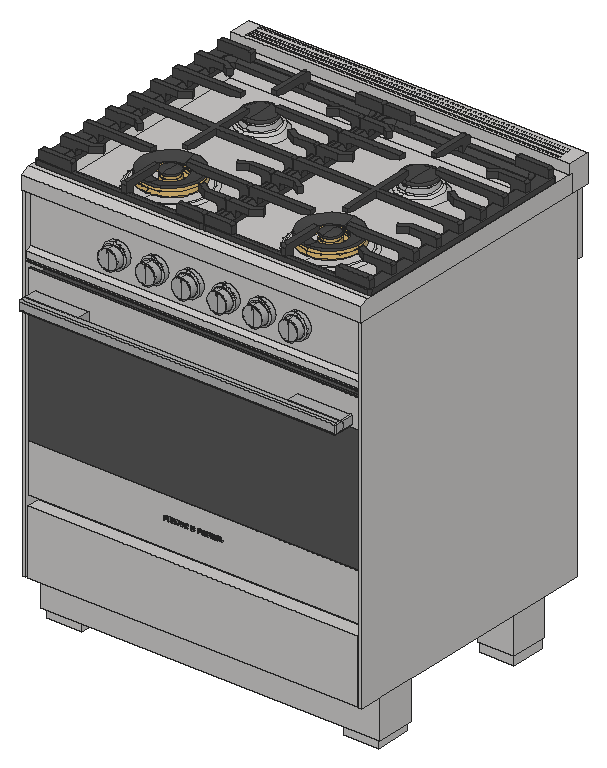
Revit family "FP_Revit_18_OR30SDG4X1_Range_90001006A", category Specialty Equipment, Revit 2018
Family settings
  Round Connector Dimension = Use Diameter
  Part Type = Normal
  OmniClass Number = 23.40.40.14.17.17
  OmniClass Title = Ranges
  Work Plane-Based = No
  Always vertical = Yes
  Cut with Voids When Loaded = Yes
  Shared = No
  Room Calculation Point = No
Parameters
  Visibility - Toe Kick Panel (Optional) = yes
  Visibility - Rear Trim 3"/76mm (Optional) = no
  Visibility - Rear Trim (Supplied) = yes
  Visibility - Clearance Required = yes
  Visibility - Adjustable Feet Covers = yes
  URL = "www.fisherpaykel.com"
  Product - Width = 759 mm  # constant formula
  Product - Height = 945 mm  # constant formula
  Product - Depth = 679.1 mm  # constant formula
  Optional - Toe Kick Panel = "KICKOR30X1"
  Optional - Rear Trim = "TKOR304X1"
  Model = "OR30SDG4X1"
  Material - Trim = Fisher & Paykel - Steel, Chrome Plated
  Material - Handle = Fisher & Paykel - Aluminium
  Material - Glass = Fisher & Paykel - Glass, Black
  Material - Door Front = Fisher & Paykel - Glass, Black
  Material - Buttons and Dials = Fisher & Paykel - Aluminium
  Material - Burners & Trivets = Fisher & Paykel - Black, Matte
  Material - Body = Fisher & Paykel - Stainless Steel
  Manufacturer = "Fisher & Paykel Appliances"
  Keynote = ""
  Description = "30\" Contemporary Freestanding Gas Range (Stainless)"
  Countertop Height (min 908mm - max 933mm) = 915 mm
  Connector Description - Gas = "NG 1kPa (4\" WC), LPG 2.75 kPa (11\" WC), 1/2” NPT Minimum 5/8” dia. flex line"
  Connector Description - Electrical = "120 V, 60Hz, 15 A, Fused electrical supply"
  Clearance - Side Non-Combustible = 0 mm  # constant formula
  Clearance - Side Combustible = 330 mm  # constant formula
  Clearance - Rear Non-Combustible = 0 mm  # constant formula
  Clearance - Rear Combustible = 305 mm  # constant formula
  Clearance - Overhead Rangehood = 762 mm  # constant formula
  Clearance - Overhead Non-Combustible = 762 mm  # constant formula
  Clearance - Overhead Combustible = 914 mm  # constant formula
  Chassis - Width = 759 mm  # constant formula
  Chassis - Height = 816 mm  # constant formula
  Chassis - Depth = 638 mm  # constant formula
  Cavity - Width = 762 mm  # constant formula
  Cavity - Height = 0 mm  # constant formula
  Cavity - Depth = 641 mm  # constant formula
Reference planes
  plane 1 "Datum": y = 0
  plane 2: z = 0
  plane 3 "Center (Left/Right)": x = 0
  plane 4 "Product Height": z = 923
  plane 5 "Product LHS": x = -379.5
  plane 6 "Product RHS": x = 379.5
  plane 7 "Cavity LHS": x = -381
  plane 8 "Cavity RHS": x = 381
  plane 9 "Product Depth": y = 638
  plane 10 "Cavity Depth": y = 641
  plane 11 "Dials": z = 820.4
  plane 12 "Countertop Height": z = 915
Forms (mm)
  Extrusion 1, solid, material "Fisher & Paykel - Stainless Steel" <- "Material - Body"
    sketch origin (0, 0, 0) x (0, 1, 0) y (0, 0, 1)
      loop
        line (50.7, 883) -> (50.7, 107) -> (603, 107) -> (603, 883) -> (50.7, 883)
    from -374 to 374
  Extrusion 2, solid, material "Fisher & Paykel - Stainless Steel" <- "Material - Body"
    sketch origin (0, 0, 0) x (0, 1, 0) y (0, 0, 1)
      loop
        line (12.5, 883) -> (12.5, 768) -> (50.7, 768) -> (50.7, 883) -> (12.5, 883)
    from -374 to 374
  Extrusion 3, solid, material "Fisher & Paykel - Stainless Steel" <- "Material - Body"
    sketch origin (0, 0, 0) x (0, 1, 0) y (0, 0, 1)
      loop
        line (32, 250.4) -> (2, 250.4) -> (2, 107) -> (32, 107) -> (32, 250.4)
    from -370 to 370
  Extrusion 4, solid, material "Fisher & Paykel - Clearance Required", visible <- "Visibility - Clearance Required", detail levels coarse
    sketch origin (0, 0, 0) x (0, 1, 0) y (0, 0, 1)
      loop
        line (0, 273.2) -> (0, 727.091)
        arc (0, 727.091) -> (-320.949, 594.149) -> (-453.891, 273.2) r 453.891
        line (-453.891, 273.2) -> (0, 273.2)
    from -381 to 381
  Extrusion 5, solid, material "Fisher & Paykel - Clearance Required", visible <- "Visibility - Clearance Required", detail levels coarse
    sketch origin (0, 0, 0) x (0, 1, 0) y (0, 0, 1)
      loop
        line (641, 0) -> (641, 923) -> (0, 923) -> (0, 0) -> (641, 0)
    from -381 to 381
  Extrusion 6, solid, material "Fisher & Paykel - Clearance Required (Combustible)", visible <- "Visibility - Clearance Required", detail levels coarse
    sketch origin (0, 0, 0) x (1, 0, 0) y (0, 1, 0)
      loop
        line (-381, 0) -> (-381, 641) -> (381, 641) -> (381, 0) -> (711, 0) -> (711, 946) -> (-711, 946) -> (-711, 0) -> (-381, 0)
    from 923 to 1380
  Extrusion 7, solid, material "Fisher & Paykel - Clearance Required (Non-Combustible)", visible <- "Visibility - Clearance Required", detail levels coarse
    sketch origin (0, 0, 0) x (1, 0, 0) y (0, 1, 0)
      loop
        line (-381, 0) -> (381, 0) -> (381, 641) -> (-381, 641) -> (-381, 0)
    from 923 to 1685
  Extrusion 8, solid, material "Fisher & Paykel - Clearance Required (Combustible)", visible <- "Visibility - Clearance Required", detail levels coarse
    sketch origin (0, 0, 0) x (1, 0, 0) y (0, 1, 0)
      loop
        line (381, 641) -> (-381, 641) -> (-381, 0) -> (381, 0) -> (381, 641)
    from 1685 to 1837
  Extrusion 9, solid, material "Fisher & Paykel - Clearance Required (Combustible)", visible <- "Visibility - Clearance Required", detail levels coarse
    sketch origin (0, 0, 0) x (1, 0, 0) y (0, 1, 0)
      loop
        line (-711, 0) -> (-381, 0) -> (-381, 311) -> (-711, 311) -> (-711, 0)
      loop
        line (711, 0) -> (711, 311) -> (381, 311) -> (381, 0) -> (711, 0)
    from 1837 to 1380
  Extrusion 10, solid, material "Fisher & Paykel - Stainless Steel" <- "Material - Body"
    sketch origin (0, 0, 0) x (0, 1, 0) y (0, 0, 1)
      loop
        line (0, 883) -> (0, 107) -> (603, 107) -> (603, 883) -> (0, 883)
    from 374 to 379.5
  Extrusion 11, solid, material "Fisher & Paykel - Stainless Steel" <- "Material - Body"
    sketch origin (0, 0, 0) x (0, 1, 0) y (0, 0, 1)
      loop
        line (0, 883) -> (0, 107) -> (603, 107) -> (603, 883) -> (0, 883)
    from -379.5 to -374
  Extrusion 12, solid, material "Fisher & Paykel - Stainless Steel" <- "Material - Body"
    sketch origin (0, 0, 0) x (0, 1, 0) y (0, 0, 1)
      loop
        line (1.349, 748) -> (50.7, 748) -> (50.7, 768) -> (12.5, 768) -> (1.349, 761.562) -> (1.349, 748)
    from -374 to 374
  Extrusion 13, solid, material "Fisher & Paykel - Steel, Chrome Plated" <- "Material - Trim", detail levels fine
    sketch origin (0, 0, 0) x (0, 1, 0) y (0, 0, 1)
      loop
        line (1.349, 743.1) -> (1.349, 741.5) -> (50.7, 741.5) -> (50.7, 743.1) -> (1.349, 743.1)
    from -374 to 374
  Extrusion 14, solid, material "Fisher & Paykel - Stainless Steel" <- "Material - Body"
    sketch origin (0, 0, 0) x (0, 1, 0) y (0, 0, 1)
      loop
        line (-3, 914.9) -> (-3, 883) -> (592, 883) -> (592, 923) -> (17.048, 923) -> (-3, 914.9)
    from -379.5 to 379.5
  Extrusion 15, solid, material "Fisher & Paykel - Stainless Steel" <- "Material - Body", visible <- "Visibility - Adjustable Feet Covers"
    sketch origin (0, 0, 0) x (1, 0, 0) y (0, 1, 0)
      loop
        line (-292.2, 137.7) -> (-374, 137.7) -> (-374, 55.7) -> (-292.2, 55.7) -> (-292.2, 137.7)
      loop
        line (-292.2, 516) -> (-374, 516) -> (-374, 434.3) -> (-292.2, 434.3) -> (-292.2, 516)
      loop
        line (292.2, 137.7) -> (292.2, 55.7) -> (374, 55.7) -> (374, 137.7) -> (292.2, 137.7)
      loop
        line (292.2, 516) -> (292.2, 434.3) -> (374, 434.3) -> (374, 516) -> (292.2, 516)
    from 21.3 to 107
  Extrusion 16, solid, material "Fisher & Paykel - Stainless Steel" <- "Material - Body", visible <- "Visibility - Adjustable Feet Covers"
    sketch origin (0, 0, 0) x (1, 0, 0) y (0, 1, 0)
      loop
        line (-294.2, 514.3) -> (-372.3, 514.3) -> (-372.3, 436.2) -> (-294.2, 436.2) -> (-294.2, 514.3)
      loop
        line (-294.2, 135.8) -> (-372.3, 135.8) -> (-372.3, 57.7) -> (-294.2, 57.7) -> (-294.2, 135.8)
      loop
        line (294.2, 514.3) -> (294.2, 436.2) -> (372.3, 436.2) -> (372.3, 514.3) -> (294.2, 514.3)
      loop
        line (294.2, 135.8) -> (294.2, 57.7) -> (372.3, 57.7) -> (372.3, 135.8) -> (294.2, 135.8)
    from 0 to 21.3
  Extrusion 17, solid, material "Fisher & Paykel - Stainless Steel" <- "Material - Body", visible <- "Visibility - Toe Kick Panel (Optional)"
    sketch origin (0, 0, 0) x (1, 0, 0) y (0, 1, 0)
      loop
        line (-374, 137.7) -> (-379.5, 137.7) -> (-379.5, 50.7) -> (379.5, 50.7) -> (379.5, 137.7) -> (374, 137.7) -> (374, 55.7) -> (-374, 55.7) -> (-374, 137.7)
    from 21.3 to 107
  Extrusion 18, solid, material "Fisher & Paykel - Glass, Black" <- "Material - Glass"
    sketch origin (0, 0, 0) x (1, 0, 0) y (0, 0, 1)
      loop
        line (-370, 272.4) -> (370, 272.4) -> (370, 727.6) -> (-370, 727.6) -> (-370, 272.4)
    from -8.9 to -4.9
  Extrusion 19, solid, material "Fisher & Paykel - Glass, Black" <- "Material - Door Front"
    sketch origin (0, 0, 0) x (0, 1, 0) y (0, 0, 1)
      loop
        line (8.9, 725.037) -> (8.9, 272.4) -> (50.7, 272.4) -> (50.7, 720.644) -> (8.9, 725.037)
    from -350 to 350
  Extrusion 20, void
    sketch origin (0, 0, 0) x (1, 0, 0) y (0, 1, 0)
      loop
        arc (-333.8, 543) -> (-347.942, 537.142) -> (-353.8, 523) r 20
        line (-353.8, 523) -> (-353.8, 58.351)
        arc (-353.8, 58.351) -> (-347.942, 44.209) -> (-333.8, 38.351) r 20
        line (-333.8, 38.351) -> (333.8, 38.351)
        arc (333.8, 38.351) -> (347.942, 44.209) -> (353.8, 58.351) r 20
        line (353.8, 58.351) -> (353.8, 516.8)
        arc (353.8, 516.8) -> (346.126, 535.326) -> (327.6, 543) r 26.2
        line (327.6, 543) -> (-333.8, 543)
    from 893 to 923
  Extrusion 21, solid, material "Fisher & Paykel - Stainless Steel" <- "Material - Body", visible <- "Visibility - Rear Trim (Supplied)"
    sketch origin (0, 0, 0) x (0, 1, 0) y (0, 0, 1)
      loop
        line (592, 883) -> (633, 883) -> (633, 923) -> (633, 945) -> (581.8, 945) -> (581.8, 923) -> (592, 923) -> (592, 883)
    from -379.5 to 379.5
  Sweep 22, solid, material "Fisher & Paykel - Stainless Steel" <- "Material - Body", detail levels fine
    path in 3D
      loop
        arc (-353.8, 523, 923) -> (-347.942, 537.142, 923) -> (-333.8, 543, 923) r 20
        line (-333.8, 543, 923) -> (327.6, 543, 923)
        arc (327.6, 543, 923) -> (346.126, 535.326, 923) -> (353.8, 516.8, 923) r 26.2
        line (353.8, 516.8, 923) -> (353.8, 58.351, 923)
        arc (353.8, 58.351, 923) -> (347.942, 44.209, 923) -> (333.8, 38.351, 923) r 20
        line (333.8, 38.351, 923) -> (-333.8, 38.351, 923)
        arc (-333.8, 38.351, 923) -> (-347.942, 44.209, 923) -> (-353.8, 58.351, 923) r 20
        line (-353.8, 58.351, 923) -> (-353.8, 523, 923)
    profile origin (-353.8, 290.675, 923) x (-1, 0, 0) y (0, 0, 1)
      loop
        line (0, 0) -> (-18.746, -30) -> (0, -30) -> (0, 0)
  Revolve 23, solid, material "Fisher & Paykel - Stainless Steel" <- "Material - Body"
    sketch origin (-179, 0, 0) x (0, 1, 0) y (0, 0, 1)
      loop
        line (163, 893) -> (163, 897) -> (84.905, 897)
        arc (84.905, 897) -> (83.174, 896.81) -> (81.524, 896.25) r 8
        line (81.524, 896.25) -> (74.554, 893) -> (163, 893)
      axis (163, 893) -> (163, 897)
    angle from 0 to 360
  Revolve 24, solid, material "Fisher & Paykel - Stainless Steel" <- "Material - Body"
    sketch origin (-179, 0, 0) x (0, 1, 0) y (0, 0, 1)
      loop
        line (413.1, 907.049) -> (371.389, 907.049)
        arc (371.389, 907.049) -> (367.674, 906.135) -> (364.808, 903.599) r 8
        line (364.808, 903.599) -> (357.481, 893) -> (413.1, 893) -> (413.1, 907.049)
      axis (413.1, 893) -> (413.1, 907.049)
    angle from 0 to 360
  Revolve 25, solid, material "Fisher & Paykel - Stainless Steel" <- "Material - Body"
    sketch origin (179, 0, 0) x (0, 1, 0) y (0, 0, 1)
      loop
        line (163, 893) -> (163, 897) -> (84.905, 897)
        arc (84.905, 897) -> (83.174, 896.81) -> (81.524, 896.25) r 8
        line (81.524, 896.25) -> (74.554, 893) -> (163, 893)
      axis (163, 893) -> (163, 897)
    angle from 0 to 360
  Revolve 26, solid, material "Fisher & Paykel - Stainless Steel" <- "Material - Body"
    sketch origin (179, 0, 0) x (0, 1, 0) y (0, 0, 1)
      loop
        line (413.1, 907.049) -> (371.389, 907.049)
        arc (371.389, 907.049) -> (367.674, 906.135) -> (364.808, 903.599) r 8
        line (364.808, 903.599) -> (357.481, 893) -> (413.1, 893) -> (413.1, 907.049)
      axis (413.1, 893) -> (413.1, 907.049)
    angle from 0 to 360
  Extrusion 27, void
    sketch origin (0, 0, 0) x (1, 0, 0) y (0, 0, 1)
      loop
        line (293.3, 307) -> (293.3, 155.9) -> (-366.5, 155.9) -> (-366.5, 99) -> (366.5, 99) -> (366.5, 307) -> (293.3, 307)
    from -603 to -528
  Extrusion 28, solid, material "Fisher & Paykel - Black", detail levels fine
    sketch origin (0, 0, 0) x (1, 0, 0) y (0, 1, 0)
      loop
        line (-205.048, 573.322) -> (-205.048, 537.488) -> (-155.824, 537.488) -> (-155.824, 573.322) -> (-205.048, 573.322)
    from 143.4 to 155.9
  Extrusion 29, solid, material "Fisher & Paykel - Black", detail levels medium+fine
    sketch origin (0, 0, 0) x (1, 0, 0) y (0, 1, 0)
      loop
        circle (-149.108, 543.3) r 6
    from 113 to 155.9
  Extrusion 30, solid, material "Fisher & Paykel - Stainless Steel" <- "Material - Body"
    sketch origin (0, 0, 0) x (1, 0, 0) y (0, 0, 1)
      loop
        circle (-358, 897) r 4.009
      loop
        circle (-358, 897) r 7.491
      loop
        circle (358, 897) r 4.009
      loop
        circle (358, 897) r 7.491
    from -638 to -633
  Extrusion 31, solid, material "Fisher & Paykel - Stainless Steel" <- "Material - Body"
    sketch origin (0, 0, 0) x (1, 0, 0) y (0, 0, 1)
      loop
        line (365.45, 732) -> (365.45, 883) -> (-365.45, 883) -> (-365.45, 732) -> (365.45, 732)
    from -633 to -603
  Extrusion 32, solid, material "Fisher & Paykel - Stainless Steel" <- "Material - Body"
    sketch origin (0, 0, 0) x (0, 1, 0) y (0, 0, 1)
      loop
        line (641, 159) -> (634.5, 159) -> (603.768, 13.3) -> (486.3, 13.3) -> (486.3, 0) -> (641, 0) -> (641, 159)
    from -27 to 27
  Extrusion 33, solid, material "Fisher & Paykel - Stainless Steel" <- "Material - Body"
    sketch origin (0, 0, 0) x (1, 0, 0) y (0, 1, 0)
      loop
        circle (0, 514.362) r 4.977
    from 13.3 to 50.9
  Extrusion 34, solid, material "Fisher & Paykel - Stainless Steel" <- "Material - Body", visible <- "Visibility - Rear Trim 3"/76mm (Optional)"
    sketch origin (0, 0, 0) x (0, 1, 0) y (0, 0, 1)
      loop
        line (633, 883) -> (633, 999) -> (581.8, 999) -> (581.8, 923) -> (592, 923) -> (592, 883) -> (633, 883)
    from -379.5 to 379.5
  Extrusion 35, solid, material "Fisher & Paykel - Stainless Steel" <- "Material - Body"
    sketch origin (0, 0, 0) x (1, 0, 0) y (0, 1, 0)
      loop
        circle (-333.1, 96.6) r 25
      loop
        circle (-333.15, 475.15) r 25
      loop
        circle (333.1, 96.6) r 25
      loop
        circle (333.15, 475.15) r 25
    from 0 to 107
  Extrusion 36, solid, material "Fisher & Paykel - Stainless Steel" <- "Material - Body"
    sketch origin (0, 0, 0) x (0, 1, 0) y (0, 0, 1)
      loop
        line (528, 107) -> (509.5, 107) -> (509.5, 50.9) -> (528, 50.9) -> (528, 107)
    from -27 to 27
  Extrusion 37, solid, material "Fisher & Paykel - Stainless Steel" <- "Material - Body"
    sketch origin (0, 0, 0) x (0, 1, 0) y (0, 0, 1)
      loop
        line (3, 727.6) -> (3, 661.7) -> (4.9, 661.7) -> (4.9, 727.6) -> (3, 727.6)
      loop
        line (3, 380.5) -> (3, 272.4) -> (4.9, 272.4) -> (4.9, 380.5) -> (3, 380.5)
    from -370 to 370
  Extrusion 38, void
    sketch origin (0, 0, 0) x (0, 1, 0) y (0, 0, 1)
      loop
        line (641, 0) -> (641, 923) -> (-40, 923) -> (-40, 0) -> (641, 0)
    from -381 to 381
  Extrusion 39, void
    sketch origin (0, 0, 0) x (0, 1, 0) y (0, 0, 1)
      loop
        line (588.4, 999) -> (588.4, 923) -> (593.4, 923) -> (593.4, 999) -> (588.4, 999)
      loop
        line (599.4, 999) -> (599.4, 923) -> (604.4, 923) -> (604.4, 999) -> (599.4, 999)
      loop
        line (621.4, 999) -> (621.4, 923) -> (626.4, 923) -> (626.4, 999) -> (621.4, 999)
      loop
        line (610.4, 999) -> (610.4, 923) -> (615.4, 923) -> (615.4, 999) -> (610.4, 999)
    from -350 to 350
Cuts and joins
  Extrusion 20, Extrusion 27 cuts Extrusion 1
  Extrusion 20, Extrusion 39 cuts Extrusion 5
  Extrusion 20 cuts Extrusion 15
  Extrusion 20 cuts Extrusion 16
  Extrusion 20 cuts Extrusion 17
  Extrusion 20, Extrusion 39 cuts Extrusion 14
  Extrusion 39 cuts Extrusion 34
  Extrusion 39 cuts Extrusion 21
Lines and regions (mm)
  sketch lines
    curve 1: line (-353.8, 58.351, 923) -> (-353.8, 523, 923)
    curve 2: arc (-353.8, 58.351, 923) -> (-347.942, 44.209, 923) -> (-333.8, 38.351, 923) r 20
    curve 3: line (333.8, 38.351, 923) -> (-333.8, 38.351, 923)
    curve 4: arc (333.8, 38.351, 923) -> (347.942, 44.209, 923) -> (353.8, 58.351, 923) r 20
    curve 5: line (353.8, 516.8, 923) -> (353.8, 58.351, 923)
    curve 6: arc (353.8, 516.8, 923) -> (346.126, 535.326, 923) -> (327.6, 543, 923) r 26.2
    curve 7: line (-333.8, 543, 923) -> (327.6, 543, 923)
    curve 8: arc (-333.8, 543, 923) -> (-347.942, 537.142, 923) -> (-353.8, 523, 923) r 20
  model lines
    curve 9: line (0, -18.2, 820.4) -> (0, 96.8, 820.4)
Text (mm)
  text "Due to ongoing product development, product details are subject to change without notice. \nPlease always refer to www.fisherpaykel.com for the most current product information. \n© Fisher & Paykel 2020" at (41.04, -502.455, 0), in view "Ref. Level (Plan)"
Dimensions and locks
  equal spacing: plane 5 "Product LHS", plane 3 "Center (Left/Right)", plane 6 "Product RHS"
  "Product - Width": plane 5 "Product LHS" to plane 6 "Product RHS"
  equal spacing: plane 7 "Cavity LHS", plane 3 "Center (Left/Right)", plane 8 "Cavity RHS"
  "Cavity - Width": plane 7 "Cavity LHS" to plane 8 "Cavity RHS"
  locked: plane 4 "Product Height" to nested 1 at 592.497
  "Chassis - Depth": plane 1 "Datum" to plane 9 "Product Depth"
  "Cavity - Depth": plane 1 "Datum" to plane 10 "Cavity Depth"
  "Clearance - Side Combustible": Extrusion 6 sketch curve to Extrusion 5
  "Clearance - Side Combustible": Extrusion 5 to Extrusion 6 sketch curve
  "Clearance - Rear Combustible": plane 10 "Cavity Depth" to Extrusion 6 sketch curve
  Extrusion 6 to plane 4 "Product Height" = 457 mm
  locked: Extrusion 7 to plane 4 "Product Height" at 762
  Extrusion 8 to plane 4 "Product Height" = 914 mm
  Extrusion 9 sketch curve to plane 10 "Cavity Depth" = 330 mm
  "Clearance - Side Combustible": Extrusion 8 to Extrusion 6
  "Clearance - Side Combustible": Extrusion 6 to Extrusion 8
  "Clearance - Rear Combustible": Extrusion 6 to Extrusion 8
  locked: Extrusion 6 to plane 4 "Product Height" at 457
  "Clearance - Overhead Combustible": Extrusion 8 to plane 4 "Product Height"
  Extrusion 9 to Extrusion 8 = 330 mm
  locked: plane 4 "Product Height" to Extrusion 10 at 40
  Extrusion 15 sketch curve to plane 6 "Product RHS" = 87.3 mm
  plane 5 "Product LHS" to Extrusion 15 sketch curve = 87.3 mm
  locked: plane 5 "Product LHS" to Extrusion 11 at 5.5
  locked: Extrusion 10 to plane 6 "Product RHS" at 5.5
  locked: plane 4 "Product Height" to Extrusion 10 at 816
  locked: plane 4 "Product Height" to Extrusion 3 at 672.6  (x2)
  locked: plane 4 "Product Height" to Extrusion 12 at 175
  locked: plane 4 "Product Height" to Extrusion 12 at 155
  equal spacing: cut or joined group of Extrusion 14, Extrusion 20, Extrusion 39, plane 3 "Center (Left/Right)", cut or joined group of Extrusion 14, Extrusion 20, Extrusion 39
  plane 4 "Product Height" to Extrusion 31 = 191 mm
  locked: Extrusion 6 to plane 11 "Dials" at 102.6
  locked: Extrusion 6 to Sweep 22 at 30
  Extrusion 6 to nested 2 = 18.8 mm
  Extrusion 6 to nested 3 = 18.8 mm
  nested 5 to Extrusion 6 = 31.5 mm
  nested 6 to Extrusion 6 = 31.5 mm
  locked: plane 4 "Product Height" to Extrusion 13 at 179.9
  locked: Extrusion 12 to plane 4 "Product Height" at 175
  locked: Extrusion 31 to plane 4 "Product Height" at 191
  locked: plane 4 "Product Height" to cut or joined group of Extrusion 1, Extrusion 20, Extrusion 27 at 616
  locked: plane 4 "Product Height" to plane 11 "Dials" at 102.6
  plane 4 "Product Height" to Extrusion 10 = 816 mm
  locked: nested 14 to cut or joined group of Extrusion 1, Extrusion 20, Extrusion 27 at 35.904
  locked: Extrusion 19 to plane 4 "Product Height" at 650.6
  locked: cut or joined group of Extrusion 1, Extrusion 20, Extrusion 27 to plane 11 "Dials" at 713.4
  locked: cut or joined group of Extrusion 1, Extrusion 20, Extrusion 27 to cut or joined group of Extrusion 1, Extrusion 20, Extrusion 27 at 48.9
  locked: Sweep 22 to plane 4 "Product Height" at 30
  locked: plane 4 "Product Height" to nested 3 at 18.8
  locked: nested 7 to plane 4 "Product Height" at 13
  locked: nested 5 to plane 4 "Product Height" at 31.5
  locked: nested 6 to plane 4 "Product Height" at 31.5
  locked: plane 4 "Product Height" to nested 2 at 22.879
  locked: plane 4 "Product Height" to nested 3 at 22.879
  locked: plane 4 "Product Height" to nested 4 at 13
  locked: cut or joined group of Extrusion 1, Extrusion 20, Extrusion 27 to Extrusion 28 at 163.6
  locked: cut or joined group of Extrusion 1, Extrusion 20, Extrusion 27 to Extrusion 29 at 194
  Extrusion 8 to Extrusion 9 = 311 mm
  locked: plane 5 "Product LHS" to Sweep 22 at 25.7
  locked: Sweep 22 to plane 6 "Product RHS" at 25.7
  locked: cut or joined group of Extrusion 17, Extrusion 20 to Extrusion 10 at 85.7
  cut or joined group of Extrusion 15, Extrusion 20 to Extrusion 10 = 85.7 mm
  locked: Extrusion 6 to Extrusion 8 at 762
  Extrusion 10 to Extrusion 4 = 166.2 mm
  locked: Extrusion 10 to Extrusion 4 at 166.2
  locked: plane 4 "Product Height" to plane 12 "Countertop Height" at 8
  "Countertop Height (min 908mm - max 933mm)": level to plane 12 "Countertop Height"
  locked: Extrusion 32 to level at 159
  locked: Extrusion 36 to Extrusion 10 at 56.1
  locked: plane 4 "Product Height" to nested 15 at 234.693
  locked: nested 13 to plane 11 "Dials" at 27.732
  locked: nested 12 to plane 11 "Dials" at 27.732
  locked: nested 11 to plane 11 "Dials" at 27.732
  locked: nested 10 to plane 11 "Dials" at 27.732
  locked: nested 9 to plane 11 "Dials" at 27.732
  locked: nested 8 to plane 11 "Dials" at 27.732
  locked: plane 4 "Product Height" to Extrusion 37 at 542.5
  locked: Extrusion 37 to plane 4 "Product Height" at 261.3
  locked: Extrusion 18 to plane 4 "Product Height" at 650.6
  locked: Extrusion 6 to Extrusion 21 sketch curve at 22
  "Product - Depth": nested 15 to plane 9 "Product Depth"
  aligned and locked: level to plane 2
  aligned and locked: Extrusion 5 sketch curve to plane 4 "Product Height"
  aligned and locked: Extrusion 5 to plane 8 "Cavity RHS"
  aligned and locked: Extrusion 5 to plane 7 "Cavity LHS"
  aligned and locked: Extrusion 6 sketch curve to plane 8 "Cavity RHS"
  aligned and locked: Extrusion 6 sketch curve to plane 7 "Cavity LHS"
  aligned and locked: Extrusion 5 to Extrusion 7 sketch curve
  aligned and locked: Extrusion 8 sketch curve to Extrusion 5
  aligned and locked: Extrusion 5 to Extrusion 8 sketch curve
  aligned and locked: Extrusion 9 sketch curve to Extrusion 9 sketch curve
  aligned and locked: Extrusion 5 to Extrusion 9 sketch curve
  aligned and locked: Extrusion 2 to cut or joined group of Extrusion 1, Extrusion 20, Extrusion 27
  aligned and locked: cut or joined group of Extrusion 1, Extrusion 20, Extrusion 27 to Extrusion 2
  aligned and locked: Extrusion 10 sketch curve to plane 1 "Datum"
  aligned and locked: Extrusion 10 to plane 6 "Product RHS"
  aligned and locked: plane 5 "Product LHS" to Extrusion 11
  aligned and locked: cut or joined group of Extrusion 1, Extrusion 20, Extrusion 27 to Extrusion 15 sketch curve  (x2)
  aligned and locked: Extrusion 15 sketch curve to cut or joined group of Extrusion 1, Extrusion 20, Extrusion 27
  aligned and locked: Extrusion 15 sketch curve to Extrusion 15 sketch curve
  aligned and locked: Extrusion 2 to Extrusion 11
  aligned and locked: Extrusion 2 to Extrusion 12
  aligned and locked: Extrusion 2 to Extrusion 13
  aligned and locked: Extrusion 2 to Extrusion 10
  aligned and locked: Extrusion 12 to Extrusion 2
  aligned and locked: Extrusion 13 to Extrusion 2
  aligned and locked: Extrusion 15 to cut or joined group of Extrusion 1, Extrusion 20, Extrusion 27
  aligned and locked: Extrusion 3 to cut or joined group of Extrusion 1, Extrusion 20, Extrusion 27
  aligned and locked: Extrusion 16 to level
  aligned and locked: Extrusion 16 to Extrusion 15
  aligned and locked: plane 5 "Product LHS" to Extrusion 17 sketch curve
  aligned and locked: Extrusion 17 sketch curve to cut or joined group of Extrusion 1, Extrusion 20, Extrusion 27  (x2)
  aligned and locked: Extrusion 17 sketch curve to Extrusion 15
  aligned and locked: Extrusion 17 sketch curve to Extrusion 2
  aligned and locked: Extrusion 17 sketch curve to plane 6 "Product RHS"
  aligned and locked: Extrusion 17 to cut or joined group of Extrusion 1, Extrusion 20, Extrusion 27
  aligned and locked: plane 4 "Product Height" to Extrusion 20
  aligned and locked: Extrusion 21 to plane 6 "Product RHS"
  aligned and locked: plane 5 "Product LHS" to Extrusion 21
  aligned and locked: Extrusion 30 to plane 9 "Product Depth"
  aligned and locked: Extrusion 4 to plane 8 "Cavity RHS"
  aligned and locked: plane 7 "Cavity LHS" to Extrusion 4
  aligned and locked: Extrusion 11 to cut or joined group of Extrusion 1, Extrusion 20, Extrusion 27
  aligned and locked: Extrusion 17 to cut or joined group of Extrusion 15, Extrusion 20
  aligned and locked: Extrusion 20 to Sweep 22
  aligned and locked: cut or joined group of Extrusion 1, Extrusion 20, Extrusion 27 to Extrusion 28
  aligned and locked: cut or joined group of Extrusion 1, Extrusion 20, Extrusion 27 to Extrusion 29
  aligned and locked: Extrusion 7 to plane 10 "Cavity Depth"
  aligned and locked: Extrusion 6 sketch curve to plane 10 "Cavity Depth"
  aligned and locked: Extrusion 14 to plane 5 "Product LHS"
  aligned and locked: Extrusion 14 to plane 6 "Product RHS"
  aligned and locked: Extrusion 33 to Extrusion 32
  aligned and locked: Extrusion 21 to cut or joined group of Extrusion 1, Extrusion 20, Extrusion 27
  aligned and locked: Extrusion 2 to Extrusion 21
  aligned and locked: Extrusion 31 to Extrusion 21
  aligned and locked: plane 5 "Product LHS" to Extrusion 34
  aligned and locked: Extrusion 35 to level
  aligned and locked: Extrusion 35 to cut or joined group of Extrusion 1, Extrusion 20, Extrusion 27
  aligned and locked: Extrusion 33 to Extrusion 36
  aligned and locked: Extrusion 9 to Extrusion 6
  aligned and locked: Extrusion 8 to Extrusion 9
  aligned and locked: Extrusion 5 to level
  aligned and locked: Extrusion 39 sketch curve to Extrusion 39 sketch curve  (x3)
  aligned and locked: Extrusion 39 sketch curve to Extrusion 34
  aligned and locked: plane 4 "Product Height" to Extrusion 39 sketch curve  (x4)
  aligned and locked: Extrusion 7 to plane 4 "Product Height"
Automatic sketch dimensions
  plane 11 "Dials" to curve 9 = 0 mm
  plane 1 "Datum" to curve 9 = 18.2 mm
  curve 9 to plane 1 "Datum" = 96.8 mm
  Extrusion 1 sketch curve to plane 1 "Datum" = 50.7 mm
  plane 9 "Product Depth" to Extrusion 1 sketch curve = 35 mm
  level to Extrusion 1 sketch curve = 107 mm
  plane 12 "Countertop Height" to Extrusion 1 sketch curve = 32 mm
  Extrusion 2 sketch curve to plane 1 "Datum" = 12.5 mm
  Extrusion 2 sketch curve to Extrusion 2 sketch curve = 38.2 mm
  plane 11 "Dials" to Extrusion 2 sketch curve = 52.4 mm
  plane 12 "Countertop Height" to Extrusion 2 sketch curve = 32 mm
  Extrusion 3 sketch curve to plane 1 "Datum" = 2 mm
  Extrusion 3 sketch curve to Extrusion 3 sketch curve = 30 mm
  level to Extrusion 3 sketch curve = 107 mm
  Extrusion 3 sketch curve to Extrusion 3 sketch curve = 143.4 mm
  Extrusion 4 sketch curve to plane 1 "Datum" = 0 mm
  plane 1 "Datum" to Extrusion 4 sketch curve = 453.891 mm
  level to Extrusion 4 sketch curve = 273.2 mm
  Extrusion 5 sketch curve to level = 0 mm
  Extrusion 5 sketch curve to plane 1 "Datum" = 0 mm
  Extrusion 5 sketch curve to plane 10 "Cavity Depth" = 0 mm
  Extrusion 7 sketch curve to plane 8 "Cavity RHS" = 0 mm
  plane 1 "Datum" to Extrusion 7 sketch curve = 0 mm
  plane 10 "Cavity Depth" to Extrusion 7 sketch curve = 0 mm
  Extrusion 8 sketch curve to plane 7 "Cavity LHS" = 0 mm
  plane 1 "Datum" to Extrusion 8 sketch curve = 0 mm
  plane 1 "Datum" to Extrusion 9 sketch curve = 0 mm  (x2)
  Extrusion 9 sketch curve to plane 7 "Cavity LHS" = 0 mm
  plane 7 "Cavity LHS" to Extrusion 9 sketch curve = 330 mm
  Extrusion 9 sketch curve to plane 8 "Cavity RHS" = 330 mm
  plane 9 "Product Depth" to Extrusion 10 sketch curve = 35 mm
  level to Extrusion 10 sketch curve = 107 mm
  plane 12 "Countertop Height" to Extrusion 10 sketch curve = 32 mm
  Extrusion 11 sketch curve to plane 1 "Datum" = 0 mm
  plane 9 "Product Depth" to Extrusion 11 sketch curve = 35 mm
  level to Extrusion 11 sketch curve = 107 mm
  plane 12 "Countertop Height" to Extrusion 11 sketch curve = 32 mm
  Extrusion 12 sketch curve to plane 1 "Datum" = 1.349 mm
  Extrusion 12 sketch curve to plane 1 "Datum" = 12.5 mm
  Extrusion 12 sketch curve to Extrusion 12 sketch curve = 38.2 mm
  plane 11 "Dials" to Extrusion 12 sketch curve = 72.4 mm
  Extrusion 12 sketch curve to Extrusion 12 sketch curve = 13.562 mm
  Extrusion 12 sketch curve to Extrusion 12 sketch curve = 6.438 mm
  Extrusion 13 sketch curve to plane 1 "Datum" = 1.349 mm
  Extrusion 13 sketch curve to Extrusion 13 sketch curve = 49.351 mm
  plane 11 "Dials" to Extrusion 13 sketch curve = 78.9 mm
  Extrusion 13 sketch curve to Extrusion 13 sketch curve = 1.6 mm
  Extrusion 14 sketch curve to plane 4 "Product Height" = 0 mm
  plane 12 "Countertop Height" to Extrusion 14 sketch curve = 0.1 mm
  plane 1 "Datum" to Extrusion 14 sketch curve = 3 mm
  Extrusion 14 sketch curve to plane 1 "Datum" = 17.048 mm
  plane 9 "Product Depth" to Extrusion 14 sketch curve = 46 mm
  plane 12 "Countertop Height" to Extrusion 14 sketch curve = 32 mm
  Extrusion 15 sketch curve to Extrusion 15 sketch curve = 81.8 mm  (x2)
  Extrusion 15 sketch curve to plane 1 "Datum" = 55.7 mm  (x2)
  Extrusion 15 sketch curve to Extrusion 15 sketch curve = 82 mm  (x2)
  plane 9 "Product Depth" to Extrusion 15 sketch curve = 203.7 mm  (x2)
  Extrusion 15 sketch curve to Extrusion 15 sketch curve = 81.7 mm  (x2)
  Extrusion 16 sketch curve to plane 5 "Product LHS" = 7.2 mm  (x2)
  Extrusion 16 sketch curve to Extrusion 16 sketch curve = 78.1 mm  (x6)
  plane 6 "Product RHS" to Extrusion 16 sketch curve = 85.3 mm  (x2)
  plane 6 "Product RHS" to Extrusion 16 sketch curve = 7.2 mm  (x2)
  Extrusion 16 sketch curve to plane 1 "Datum" = 57.7 mm  (x2)
  plane 9 "Product Depth" to Extrusion 16 sketch curve = 201.8 mm  (x2)
  Extrusion 17 sketch curve to Extrusion 17 sketch curve = 82 mm  (x2)
  Extrusion 18 sketch curve to plane 5 "Product LHS" = 9.5 mm
  plane 6 "Product RHS" to Extrusion 18 sketch curve = 9.5 mm
  level to Extrusion 18 sketch curve = 272.4 mm
  plane 11 "Dials" to Extrusion 18 sketch curve = 92.8 mm
  Extrusion 19 sketch curve to plane 1 "Datum" = 8.9 mm
  Extrusion 19 sketch curve to Extrusion 19 sketch curve = 41.8 mm
  level to Extrusion 19 sketch curve = 272.4 mm
  plane 11 "Dials" to Extrusion 19 sketch curve = 99.756 mm
  Extrusion 19 sketch curve to Extrusion 19 sketch curve = 4.393 mm
  Extrusion 20 sketch curve to plane 5 "Product LHS" = 25.7 mm
  Extrusion 20 sketch curve to Extrusion 20 sketch curve = 20 mm  (x2)
  plane 6 "Product RHS" to Extrusion 20 sketch curve = 51.9 mm
  plane 6 "Product RHS" to Extrusion 20 sketch curve = 45.7 mm
  plane 6 "Product RHS" to Extrusion 20 sketch curve = 25.7 mm
  Extrusion 20 sketch curve to plane 1 "Datum" = 38.351 mm
  plane 9 "Product Depth" to Extrusion 20 sketch curve = 121.2 mm
  Extrusion 21 sketch curve to plane 4 "Product Height" = 0 mm  (x2)
  plane 9 "Product Depth" to Extrusion 21 sketch curve = 56.2 mm
  Extrusion 21 sketch curve to Extrusion 21 sketch curve = 10.2 mm
  plane 9 "Product Depth" to Extrusion 21 sketch curve = 5 mm
  plane 12 "Countertop Height" to Extrusion 21 sketch curve = 32 mm
  Sweep 22 sketch curve to profile plane = 0 mm  (x2)
  Sweep 22 sketch curve to Sweep 22 sketch curve = 18.746 mm
  Sweep 22 sketch curve to profile plane = 30 mm
  plane 12 "Countertop Height" to Revolve 23 sketch curve = 22 mm
  Revolve 23 sketch curve to plane 1 "Datum" = 74.554 mm
  plane 12 "Countertop Height" to Revolve 23 sketch curve = 18.75 mm
  Revolve 23 sketch curve to Revolve 23 sketch curve = 6.971 mm
  Revolve 23 sketch curve to Revolve 23 sketch curve = 3.381 mm
  Revolve 23 sketch curve to Revolve 23 sketch curve = 78.095 mm
  Revolve 23 sketch curve to Revolve 23 sketch curve = 7.25 mm
  Revolve 23 sketch curve to Revolve 23 sketch curve = 0 mm  (x2)
  plane 12 "Countertop Height" to Revolve 23 sketch curve = 7 mm
  plane 12 "Countertop Height" to Revolve 24 sketch curve = 22 mm
  plane 9 "Product Depth" to Revolve 24 sketch curve = 280.519 mm
  plane 12 "Countertop Height" to Revolve 24 sketch curve = 11.401 mm
  Revolve 24 sketch curve to Revolve 24 sketch curve = 7.328 mm
  Revolve 24 sketch curve to Revolve 24 sketch curve = 6.58 mm
  plane 12 "Countertop Height" to Revolve 24 sketch curve = 7.951 mm
  Revolve 24 sketch curve to Revolve 24 sketch curve = 41.711 mm
  Revolve 24 sketch curve to Revolve 24 sketch curve = 0 mm
  Revolve 24 sketch curve to Revolve 24 sketch curve = 3.451 mm
  plane 4 "Product Height" to Revolve 24 sketch curve = 13.643 mm
  plane 12 "Countertop Height" to Revolve 25 sketch curve = 22 mm
  Revolve 25 sketch curve to plane 1 "Datum" = 74.554 mm
  plane 12 "Countertop Height" to Revolve 25 sketch curve = 18.75 mm
  Revolve 25 sketch curve to Revolve 25 sketch curve = 6.971 mm
  Revolve 25 sketch curve to Revolve 25 sketch curve = 3.381 mm
  Revolve 25 sketch curve to Revolve 25 sketch curve = 78.095 mm
  Revolve 25 sketch curve to Revolve 25 sketch curve = 7.25 mm
  Revolve 25 sketch curve to Revolve 25 sketch curve = 0 mm  (x2)
  plane 12 "Countertop Height" to Revolve 25 sketch curve = 7 mm
  plane 12 "Countertop Height" to Revolve 26 sketch curve = 22 mm
  plane 9 "Product Depth" to Revolve 26 sketch curve = 280.519 mm
  plane 12 "Countertop Height" to Revolve 26 sketch curve = 11.401 mm
  Revolve 26 sketch curve to Revolve 26 sketch curve = 7.328 mm
  Revolve 26 sketch curve to Revolve 26 sketch curve = 6.58 mm
  plane 12 "Countertop Height" to Revolve 26 sketch curve = 7.951 mm
  Revolve 26 sketch curve to Revolve 26 sketch curve = 41.711 mm
  Revolve 26 sketch curve to Revolve 26 sketch curve = 0 mm
  Revolve 26 sketch curve to Revolve 26 sketch curve = 3.451 mm
  plane 4 "Product Height" to Revolve 26 sketch curve = 13.643 mm
  Extrusion 27 sketch curve to plane 5 "Product LHS" = 13 mm
  plane 6 "Product RHS" to Extrusion 27 sketch curve = 86.2 mm
  plane 6 "Product RHS" to Extrusion 27 sketch curve = 13 mm
  level to Extrusion 27 sketch curve = 99 mm
  Extrusion 27 sketch curve to Extrusion 27 sketch curve = 56.9 mm
  Extrusion 27 sketch curve to Extrusion 27 sketch curve = 151.1 mm
  Extrusion 28 sketch curve to plane 5 "Product LHS" = 174.452 mm
  Extrusion 28 sketch curve to Extrusion 28 sketch curve = 49.224 mm
  plane 9 "Product Depth" to Extrusion 28 sketch curve = 100.512 mm
  Extrusion 28 sketch curve to Extrusion 28 sketch curve = 35.835 mm
  Extrusion 29 sketch curve to plane 3 "Center (Left/Right)" = 149.108 mm
  plane 9 "Product Depth" to Extrusion 29 sketch curve = 94.7 mm
  Extrusion 30 sketch curve to Extrusion 30 sketch curve = 0 mm  (x4)
  Extrusion 30 sketch curve to plane 5 "Product LHS" = 21.5 mm
  plane 6 "Product RHS" to Extrusion 30 sketch curve = 21.5 mm
  plane 12 "Countertop Height" to Extrusion 30 sketch curve = 18 mm  (x2)
  Extrusion 31 sketch curve to plane 5 "Product LHS" = 14.05 mm
  plane 6 "Product RHS" to Extrusion 31 sketch curve = 14.05 mm
  plane 11 "Dials" to Extrusion 31 sketch curve = 88.4 mm
  plane 12 "Countertop Height" to Extrusion 31 sketch curve = 32 mm
  Extrusion 32 sketch curve to level = 0 mm
  Extrusion 32 sketch curve to plane 10 "Cavity Depth" = 0 mm
  plane 9 "Product Depth" to Extrusion 32 sketch curve = 3.5 mm
  level to Extrusion 32 sketch curve = 13.3 mm
  plane 9 "Product Depth" to Extrusion 32 sketch curve = 34.232 mm
  Extrusion 32 sketch curve to Extrusion 32 sketch curve = 117.468 mm
  Extrusion 32 sketch curve to Extrusion 32 sketch curve = 145.7 mm
  Extrusion 33 sketch curve to plane 3 "Center (Left/Right)" = 0 mm
  plane 9 "Product Depth" to Extrusion 33 sketch curve = 123.638 mm
  Extrusion 34 sketch curve to plane 4 "Product Height" = 0 mm
  plane 9 "Product Depth" to Extrusion 34 sketch curve = 56.2 mm
  Extrusion 34 sketch curve to Extrusion 34 sketch curve = 10.2 mm
  plane 9 "Product Depth" to Extrusion 34 sketch curve = 5 mm
  plane 12 "Countertop Height" to Extrusion 34 sketch curve = 32 mm
  plane 4 "Product Height" to Extrusion 34 sketch curve = 76 mm
  Extrusion 35 sketch curve to plane 5 "Product LHS" = 46.35 mm
  Extrusion 35 sketch curve to plane 5 "Product LHS" = 46.4 mm
  plane 6 "Product RHS" to Extrusion 35 sketch curve = 46.4 mm
  plane 6 "Product RHS" to Extrusion 35 sketch curve = 46.35 mm
  Extrusion 35 sketch curve to plane 1 "Datum" = 96.6 mm  (x2)
  plane 9 "Product Depth" to Extrusion 35 sketch curve = 162.85 mm  (x2)
  plane 9 "Product Depth" to Extrusion 36 sketch curve = 128.5 mm
  Extrusion 36 sketch curve to Extrusion 36 sketch curve = 18.5 mm
  level to Extrusion 36 sketch curve = 50.9 mm
  Extrusion 36 sketch curve to Extrusion 36 sketch curve = 56.1 mm
  Extrusion 37 sketch curve to plane 1 "Datum" = 3 mm  (x2)
  Extrusion 37 sketch curve to Extrusion 37 sketch curve = 1.9 mm  (x2)
  level to Extrusion 37 sketch curve = 272.4 mm
  Extrusion 37 sketch curve to Extrusion 37 sketch curve = 108.1 mm
  plane 11 "Dials" to Extrusion 37 sketch curve = 158.7 mm
  Extrusion 37 sketch curve to Extrusion 37 sketch curve = 65.9 mm
  Extrusion 38 sketch curve to level = 0 mm
  plane 1 "Datum" to Extrusion 38 sketch curve = 40 mm
  Extrusion 38 sketch curve to plane 4 "Product Height" = 0 mm
  Extrusion 38 sketch curve to plane 10 "Cavity Depth" = 0 mm
  plane 9 "Product Depth" to Extrusion 39 sketch curve = 49.6 mm
  Extrusion 39 sketch curve to Extrusion 39 sketch curve = 5 mm  (x4)
  Extrusion 39 sketch curve to Extrusion 39 sketch curve = 6 mm  (x3)
  plane 1 "Datum" to Extrusion 6 sketch curve = 0 mm  (x2)
  radius of Extrusion 29 sketch curve = 6 mm
  radius of Extrusion 30 sketch curve = 4.009 mm  (x2)
  radius of Extrusion 30 sketch curve = 7.491 mm  (x2)
  radius of Extrusion 33 sketch curve = 4.977 mm
  radius of Extrusion 35 sketch curve = 25 mm  (x4)
Nested families
  nested 1: "F&P Logo 130mm" at (0, 2.9, 330.503), type "F&P Logo 130mm"
  nested 2: "F&P Burner Dual Wok" at (-179, 163, 881), type "Brass"
  nested 3: "F&P Burner Dual Wok" at (179, 163, 881), type "Brass"
  nested 4: "F&P Burner Semi Rapid" at (-179, 413.1, 907), type "F&P Burner Semi Rapid"
  nested 5: "F&P Trivet Range Classic 30" at (0.9, 288.001, 914.5), type "F&P Trivet Range Classic 30"
  nested 6: "F&P Trivet Range Classic 30" at (0.9, 288.001, 914.5) x (-1, 0, 0) z (0, 0, 1), type "F&P Trivet Range Classic 30"
  nested 7: "F&P Burner Semi Rapid" at (179, 413.1, 907), type "F&P Burner Semi Rapid"
  nested 8: "F&P Dial Range Contemporary" at (228.5, 12.5, 820.4), type "F&P Dial Range Contemporary"
  nested 9: "F&P Dial Range Contemporary" at (148.5, 12.5, 820.4), type "F&P Dial Range Contemporary"
  nested 10: "F&P Dial Range Contemporary" at (68.5, 12.5, 820.4), type "F&P Dial Range Contemporary"
  nested 11: "F&P Dial Range Contemporary" at (-11.5, 12.5, 820.4), type "F&P Dial Range Contemporary"
  nested 12: "F&P Dial Range Contemporary" at (-91.5, 12.5, 820.4), type "F&P Dial Range Contemporary"
  nested 13: "F&P Dial Range Contemporary" at (-176.5, 12.5, 820.4), type "F&P Dial Range Contemporary"
  nested 14: "F&P Range Gas Regulator" at (327.697, 581, 200.347) x (-1, 0, 0) z (0, 0, 1), type "Gas Reg 2", detail levels medium+fine
  nested 15: "F&P Handle Contemporary OR30-36" at (0, -1.6, -30.355), type "30""
Connectors
  electrical at (-149.108, 543.3, 113), driven by "Connector Description - Electrical"
    settings: on Extrusion 29, index 1, voltage 120 V, apparent load 0 VA, apparent load phase1 0 VA, apparent load phase2 0 VA, apparent load phase3 0 VA, power factor 1, load classification "Other", number of poles 1, system type 30, power factor state 1, is connector primary yes, connector utility no, sub classification motor no, connector description "120 V, 60Hz, 15 A, Fused electrical supply"
  piping at (327.697, 581, 150.963), diameter 12.7, driven by "Connector Description - Gas"
    settings: on nested 14, index 2, connector inside diameter 609.6 mm, connector length 0 mm, flow factor 0, pipe flow 0.0 L/s, pressure drop 0.0 Pa, fitting loss kfactor 0, connector angle 0.00°, fixture units 0, engagement length 0 mm, angle of deflection 0.00°, flow configuration 0, flow direction 1, fitting loss method 0, system type 22, joint type 0, gender type 0, connector reference index -1, connector utility 0, adjustable connector no, is connector primary yes, connector description "NG 1kPa (4\" WC), LPG 2.75 kPa (11\" WC), 1/2” NPT Minimum 5/8” dia. flex line"
Definition of nested family "F&P Logo 130mm"
  Parameters (values of type "F&P Logo 130mm")
    URL = "www.fisherpaykel.com"
    Material - Logo = none
    Manufacturer = "Fisher & Paykel Appliances"
  Reference planes
    plane 1 "Center (Front/Back)": y = 0
    plane 2: z = 0
    plane 3 "Center (Left/Right)": x = 0
  Forms (mm)
    Extrusion 1, solid, material <- "Material - Logo", detail levels fine
      sketch origin (0, 0, 0) x (1, 0, 0) y (0, 0, 1)
        loop
          line (-64.995, 0) -> (-62.949, 0) -> (-62.949, 2.779) -> (-59.752, 2.779) -> (-59.752, 4.514) -> (-62.949, 4.514) -> (-62.949, 6.125) -> (-59.47, 6.125) -> (-59.47, 7.852) -> (-64.995, 7.852) -> (-64.995, 0)
        loop
          line (-55.583, 7.852) -> (-55.583, 0) -> (-53.537, 0) -> (-53.537, 7.852) -> (-55.583, 7.852)
        loop
          line (-39.879, 7.852) -> (-39.879, 0) -> (-37.834, 0) -> (-37.834, 3.146) -> (-34.828, 3.146) -> (-34.828, 0) -> (-32.782, 0) -> (-32.782, 7.852) -> (-34.828, 7.852) -> (-34.828, 4.872) -> (-37.834, 4.872) -> (-37.834, 7.852) -> (-39.879, 7.852)
        loop
          line (-28.416, 7.852) -> (-28.416, 0) -> (-22.821, 0) -> (-22.821, 1.727) -> (-26.388, 1.727) -> (-26.388, 3.146) -> (-23.128, 3.146) -> (-23.128, 4.872) -> (-26.388, 4.872) -> (-26.388, 6.125) -> (-22.821, 6.125) -> (-22.821, 7.852) -> (-28.416, 7.852)
        loop
          line (59.429, 7.852) -> (59.429, 0) -> (65.005, 0) -> (65.005, 1.727) -> (61.476, 1.727) -> (61.476, 7.852) -> (59.429, 7.852)
        loop
          line (55.223, 7.852) -> (49.609, 7.852) -> (49.609, 0) -> (55.223, 0) -> (55.223, 1.727) -> (51.655, 1.727) -> (51.655, 3.146) -> (54.916, 3.146) -> (54.916, 4.872) -> (51.655, 4.872) -> (51.655, 6.125) -> (55.223, 6.125) -> (55.223, 7.852)
        loop
          line (43.548, 4.092) -> (46.45, 7.852) -> (44.059, 7.852) -> (41.552, 4.604) -> (41.552, 7.852) -> (39.507, 7.852) -> (39.507, 0) -> (41.552, 0) -> (41.552, 3.517) -> (44.136, 0) -> (46.554, 0) -> (43.548, 4.092)
        loop
          line (28.637, 7.852) -> (31.604, 3.146) -> (31.604, 0) -> (33.65, 0) -> (33.65, 3.043) -> (36.617, 7.852) -> (34.443, 7.852) -> (32.692, 4.819) -> (30.941, 7.852) -> (28.637, 7.852)
        loop
          line (24.085, 7.852) -> (22.141, 7.852) -> (18.943, 0) -> (20.952, 0) -> (21.514, 1.445) -> (24.66, 1.445) -> (25.223, 0) -> (27.282, 0) -> (24.085, 7.852)
        loop
          line (23.982, 3.171) -> (23.064, 5.426) -> (22.186, 3.171) -> (23.982, 3.171)
        loop
          line (10.503, 7.852) -> (10.503, 0) -> (12.55, 0) -> (12.55, 2.519) -> (13.842, 2.519)
          arc (13.842, 2.519) -> (16.508, 5.186) -> (13.842, 7.852) r 2.666
          line (13.842, 7.852) -> (10.503, 7.852)
        loop
          line (12.55, 6.125) -> (12.55, 4.156) -> (13.714, 4.156)
          arc (13.714, 4.156) -> (14.699, 5.141) -> (13.714, 6.125) r 0.985
          line (13.714, 6.125) -> (12.55, 6.125)
        loop
          line (-15.255, 7.852) -> (-18.614, 7.852) -> (-18.614, 0) -> (-16.568, 0) -> (-16.568, 2.052) -> (-15.768, 2.052) -> (-14.202, 0) -> (-11.836, 0) -> (-13.84, 2.565)
          arc (-13.84, 2.565) -> (-12.519, 5.752) -> (-15.255, 7.852) r 2.833
        loop
          line (-15.404, 6.125) -> (-16.568, 6.125) -> (-16.568, 3.969) -> (-15.404, 3.969)
          arc (-15.404, 3.969) -> (-14.326, 5.047) -> (-15.404, 6.125) r 1.078
        loop
          line (0.683, 6.125) -> (0.683, 7.999) -> (-4.586, 7.999) -> (-4.586, 6.306) -> (-3.804, 5.345)
          arc (-3.804, 5.345) -> (-4.501, 0.889) -> (0.004, 0.665) r 3.034
          line (0.004, 0.665) -> (0.546, 0) -> (2.867, 0) -> (1.181, 2.072) -> (2.704, 4.268) -> (0.602, 4.268) -> (0.046, 3.467) -> (-2.117, 6.125) -> (0.683, 6.125)
        loop
          arc (-2.7, 3.989) -> (-2.887, 2.168) -> (-1.066, 1.981) r 1.294
          line (-1.066, 1.981) -> (-2.7, 3.989)
        loop
          line (-45.672, 4.724) -> (-47.408, 5.084)
          arc (-47.408, 5.084) -> (-48.101, 5.776) -> (-47.408, 6.469) r 0.693
          arc (-47.408, 6.469) -> (-45.742, 6.227) -> (-44.214, 5.522) r 5.856
          line (-44.214, 5.522) -> (-44.214, 7.466)
          arc (-44.214, 7.466) -> (-46.152, 8.033) -> (-48.168, 7.942) r 6.144
          arc (-48.168, 7.942) -> (-50.034, 5.635) -> (-48.168, 3.329) r 2.358
          line (-48.168, 3.329) -> (-46.418, 2.967)
          arc (-46.418, 2.967) -> (-45.725, 2.274) -> (-46.418, 1.581) r 0.693
          arc (-46.418, 1.581) -> (-48.083, 1.823) -> (-49.611, 2.528) r 5.856
          line (-49.611, 2.528) -> (-49.611, 0.584)
          arc (-49.611, 0.584) -> (-47.674, 0.017) -> (-45.658, 0.108) r 6.144
          arc (-45.658, 0.108) -> (-43.791, 2.422) -> (-45.672, 4.724) r 2.358
      from 0 to 0.8
  Dimensions and locks
    aligned and locked: level to plane 2
Definition of nested family "F&P Burner Dual Wok"
  Parameters (values of type "Brass")
    URL = "www.fisherpaykel.com"
    Material - Burners & Trivets = none
    Material - Body = none
    Manufacturer = "Fisher & Paykel Appliances"
  Types (3): name
    (no name)
    Aluminium
    Brass
  Reference planes
    plane 1 "Center (Front/Back)": y = 0
    plane 2: z = 0
    plane 3 "Center (Left/Right)": x = 0
  Forms (mm)
    Revolve 1, solid, material <- "Material - Body", detail levels fine
      sketch origin (0, 0, 0) x (0, 1, 0) y (0, 0, 1)
        loop
          line (0, 39.67) -> (0, 19.121) -> (37.394, 19.121) -> (37.394, 23.2) -> (66.033, 23.2) -> (67.033, 24.2) -> (65.112, 32.2) -> (63.561, 32.2) -> (61.561, 40.01) -> (36.35, 34.652) -> (36.35, 31.668) -> (39.31, 31.668) -> (39.31, 26.7) -> (36.35, 26.7) -> (36.35, 22.2) -> (21.2, 22.2) -> (21.2, 31.668) -> (18.48, 31.668) -> (18.48, 39.67) -> (0, 39.67)
        axis (0, 40.01) -> (0, 19.121)
      angle from 0 to 360
    Revolve 2, solid, material <- "Material - Burners & Trivets", detail levels fine
      sketch origin (0, 0, 0) x (0, 1, 0) y (0, 0, 1)
        loop
          line (64.958, 44.616) -> (36.353, 36.951) -> (36.353, 34.652) -> (61.561, 40.01) -> (63.997, 40.01) -> (66.045, 40.559) -> (64.958, 44.616)
        loop
          line (0, 45.115) -> (0, 39.67) -> (21.2, 39.67) -> (21.2, 42.433)
          arc (21.2, 42.433) -> (10.684, 44.442) -> (0, 45.115) r 85.151
        axis (0, 45.115) -> (0, 34.652)
      angle from 0 to 360
    Extrusion 3, void
      sketch origin (0, 0, 0) x (1, 0, 0) y (0, 1, 0)
        loop
          arc (-31.085, 20.785) -> (-37.341, -1.988) -> (-28.703, -23.968) r 37.394
          line (-28.703, -23.968) -> (-19.571, -8.151)
          arc (-19.571, -8.151) -> (-20.975, 3.077) -> (-16.404, 13.429) r 21.2
          line (-16.404, 13.429) -> (-16.404, 15.447)
          arc (-16.404, 15.447) -> (-17.093, 17.364) -> (-18.844, 18.406) r 3.015
          line (-18.844, 18.406) -> (-31.085, 20.785)
        loop
          arc (-20.415, -31.33) -> (0, -37.394) -> (20.415, -31.33) r 37.394
          line (20.415, -31.33) -> (12.297, -17.269)
          arc (12.297, -17.269) -> (0, -21.2) -> (-12.297, -17.269) r 21.2
          line (-12.297, -17.269) -> (-20.415, -31.33)
        loop
          line (31.085, 20.785) -> (18.844, 18.406)
          arc (18.844, 18.406) -> (17.093, 17.364) -> (16.404, 15.447) r 3.015
          line (16.404, 15.447) -> (16.404, 13.429)
          arc (16.404, 13.429) -> (20.975, 3.077) -> (19.571, -8.151) r 21.2
          line (19.571, -8.151) -> (28.703, -23.968)
          arc (28.703, -23.968) -> (37.341, -1.988) -> (31.085, 20.785) r 37.394
      from 19.121 to 23.2
    Revolve 4, solid, material <- "Material - Burners & Trivets", detail levels coarse+medium
      sketch origin (0, 0, 0) x (0, 1, 0) y (0, 0, 1)
        loop
          line (-67.134, 45.199) -> (-67.134, 23.2) -> (-36.35, 23.2) -> (-36.35, 36.951) -> (-67.134, 45.199)
        loop
          line (-21.2, 42.433) -> (-21.2, 23.2) -> (0, 23.2) -> (0, 42.433) -> (-21.2, 42.433)
        axis (0, 45.199) -> (0, 23.2)
      angle from 0 to 360
  Cuts and joins
    Extrusion 3 cuts Revolve 2
    Extrusion 3 cuts Revolve 1
  Dimensions and locks
    aligned and locked: level to plane 2
Definition of nested family "F&P Burner Semi Rapid"
  Parameters (values of type "F&P Burner Semi Rapid")
    URL = "www.fisherpaykel.com"
    Material - Burners & Trivets = none
    Material - Body = none
    Manufacturer = "Fisher & Paykel Appliances"
  Reference planes
    plane 1 "Center (Front/Back)": y = 0
    plane 2: z = 0
    plane 3 "Center (Left/Right)": x = 0
  Forms (mm)
    Revolve 1, solid, material <- "Material - Burners & Trivets", detail levels fine
      sketch origin (0, 0, 0) x (0, 1, 0) y (0, 0, 1)
        loop
          line (0, 18.4) -> (0, 21.9) -> (-34.1, 21.9)
          arc (-34.1, 21.9) -> (-36.575, 20.875) -> (-37.6, 18.4) r 3.5
          line (-37.6, 18.4) -> (0, 18.4)
        axis (0, 21.9) -> (0, 18.4)
      angle from 0 to 360
    Revolve 2, solid, material <- "Material - Body", detail levels fine
      sketch origin (0, 0, 0) x (0, 1, 0) y (0, 0, 1)
        loop
          line (0, 18.4) -> (-31, 18.4) -> (-33.046, 11.4) -> (-35, 11.4) -> (-38, 3) -> (0, 3) -> (0, 18.4)
        axis (0, 18.4) -> (0, 3)
      angle from 0 to 360
    Extrusion 3, solid, material <- "Material - Burners & Trivets", detail levels coarse+medium
      sketch origin (0, 0, 0) x (1, 0, 0) y (0, 1, 0)
        loop
          circle (0, 0) r 38
      from 0 to 22
  Dimensions and locks
    aligned and locked: level to plane 2
Definition of nested family "F&P Trivet Range Classic 30"
  Parameters (values of type "F&P Trivet Range Classic 30")
    URL = "www.fisherpaykel.com"
    Material - Burners & Trivets = none
    Manufacturer = "Fisher & Paykel Appliances"
  Reference planes
    plane 1 "Center (Front/Back)": y = 0
    plane 2: z = 0
    plane 3 "Center (Left/Right)": x = 0
  Forms (mm)
    Extrusion 1, solid, material <- "Material - Burners & Trivets", detail levels medium+fine
      sketch origin (0, 0, 0) x (1, 0, 0) y (0, 1, 0)
        loop
          arc (-370.9, 260.15) -> (-374.436, 258.686) -> (-375.9, 255.15) r 5
          line (-375.9, 255.15) -> (-375.9, -255.15)
          arc (-375.9, -255.15) -> (-374.436, -258.686) -> (-370.9, -260.15) r 5
          line (-370.9, -260.15) -> (-5.9, -260.15)
          arc (-5.9, -260.15) -> (-2.364, -258.686) -> (-0.9, -255.15) r 5
          line (-0.9, -255.15) -> (-0.9, 255.15)
          arc (-0.9, 255.15) -> (-2.364, 258.686) -> (-5.9, 260.15) r 5
          line (-5.9, 260.15) -> (-370.9, 260.15)
        loop
          arc (-29.3, -249.65) -> (-15.158, -243.792) -> (-9.3, -229.65) r 20
          line (-9.3, -229.65) -> (-9.3, 229.65)
          arc (-9.3, 229.65) -> (-15.158, 243.792) -> (-29.3, 249.65) r 20
          line (-29.3, 249.65) -> (-327.6, 249.65)
          arc (-327.6, 249.65) -> (-341.742, 243.792) -> (-347.6, 229.65) r 20
          line (-347.6, 229.65) -> (-347.6, -229.65)
          arc (-347.6, -229.65) -> (-341.742, -243.792) -> (-327.6, -249.65) r 20
          line (-327.6, -249.65) -> (-29.3, -249.65)
      from 9.493 to 19
    Sweep 2, solid, material <- "Material - Burners & Trivets", detail levels medium+fine
      path in 3D
        loop
          arc (-347.6, 229.65, 19) -> (-341.742, 243.792, 19) -> (-327.6, 249.65, 19) r 20
          line (-327.6, 249.65, 19) -> (-29.3, 249.65, 19)
          arc (-29.3, 249.65, 19) -> (-15.158, 243.792, 19) -> (-9.3, 229.65, 19) r 20
          line (-9.3, 229.65, 19) -> (-9.3, -229.65, 19)
          arc (-9.3, -229.65, 19) -> (-15.158, -243.792, 19) -> (-29.3, -249.65, 19) r 20
          line (-29.3, -249.65, 19) -> (-327.6, -249.65, 19)
          arc (-327.6, -249.65, 19) -> (-341.742, -243.792, 19) -> (-347.6, -229.65, 19) r 20
          line (-347.6, -229.65, 19) -> (-347.6, 229.65, 19)
      profile origin (-347.6, 0, 19) x (-1, 0, 0) y (0, 0, 1)
        loop
          line (0, 0) -> (-10.55, -9.507) -> (-10.55, -19) -> (0, -19) -> (0, 0)
    Extrusion 3, solid, material <- "Material - Burners & Trivets", detail levels medium+fine
      sketch origin (0, 0, 0) x (1, 0, 0) y (0, 0, 1)
        loop
          line (-370.85, 19) -> (-347.6, 19) -> (-337.05, 9.493) -> (-337.05, 21)
          arc (-337.05, 21) -> (-335.586, 24.536) -> (-332.05, 26) r 5
          line (-332.05, 26) -> (-308.63, 26) -> (-308.63, 40) -> (-365.85, 40)
          arc (-365.85, 40) -> (-369.386, 38.536) -> (-370.85, 35) r 5
          line (-370.85, 35) -> (-370.85, 19)
        loop
          line (-0.9, 19) -> (-0.9, 35)
          arc (-0.9, 35) -> (-2.364, 38.536) -> (-5.9, 40) r 5
          line (-5.9, 40) -> (-49.369, 40) -> (-49.369, 26) -> (-24.85, 26)
          arc (-24.85, 26) -> (-21.314, 24.536) -> (-19.85, 21) r 5
          line (-19.85, 21) -> (-19.85, 9.497) -> (-9.304, 19) -> (-0.9, 19)
      from 181.6 to 193.38
    Extrusion 4, solid, material <- "Material - Burners & Trivets", detail levels medium+fine
      sketch origin (0, 0, 0) x (1, 0, 0) y (0, 0, 1)
        loop
          line (-296.13, 19) -> (-296.13, 35)
          arc (-296.13, 35) -> (-297.594, 38.536) -> (-301.13, 40) r 5
          line (-301.13, 40) -> (-365.85, 40)
          arc (-365.85, 40) -> (-369.386, 38.536) -> (-370.85, 35) r 5
          line (-370.85, 35) -> (-370.85, 19) -> (-296.13, 19)
        loop
          line (-0.9, 19) -> (-0.9, 35)
          arc (-0.9, 35) -> (-2.364, 38.536) -> (-5.9, 40) r 5
          line (-5.9, 40) -> (-56.87, 40)
          arc (-56.87, 40) -> (-60.406, 38.536) -> (-61.87, 35) r 5
          line (-61.87, 35) -> (-61.87, 19) -> (-0.9, 19)
      from 245.64 to 256.51
    Extrusion 5, solid, material <- "Material - Burners & Trivets", detail levels medium+fine
      sketch origin (0, 0, 0) x (1, 0, 0) y (0, 0, -1)
        loop
          line (-296.13, -19) -> (-370.85, -19) -> (-370.85, -35)
          arc (-370.85, -35) -> (-369.386, -38.536) -> (-365.85, -40) r 5
          line (-365.85, -40) -> (-301.13, -40)
          arc (-301.13, -40) -> (-297.594, -38.536) -> (-296.13, -35) r 5
          line (-296.13, -35) -> (-296.13, -19)
        loop
          line (-0.9, -19) -> (-61.87, -19) -> (-61.87, -35)
          arc (-61.87, -35) -> (-60.406, -38.536) -> (-56.87, -40) r 5
          line (-56.87, -40) -> (-5.9, -40)
          arc (-5.9, -40) -> (-2.364, -38.536) -> (-0.9, -35) r 5
          line (-0.9, -35) -> (-0.9, -19)
      from 245.64 to 256.51
    Extrusion 6, solid, material <- "Material - Burners & Trivets", detail levels medium+fine
      sketch origin (0, 0, 0) x (1, 0, 0) y (0, 0, 1)
        loop
          line (-370.85, 19) -> (-347.6, 19) -> (-337.05, 9.493) -> (-337.05, 21)
          arc (-337.05, 21) -> (-335.586, 24.536) -> (-332.05, 26) r 5
          line (-332.05, 26) -> (-308.63, 26) -> (-308.63, 40) -> (-365.85, 40)
          arc (-365.85, 40) -> (-369.386, 38.536) -> (-370.85, 35) r 5
          line (-370.85, 35) -> (-370.85, 19)
        loop
          line (-0.9, 19) -> (-0.9, 35)
          arc (-0.9, 35) -> (-2.364, 38.536) -> (-5.9, 40) r 5
